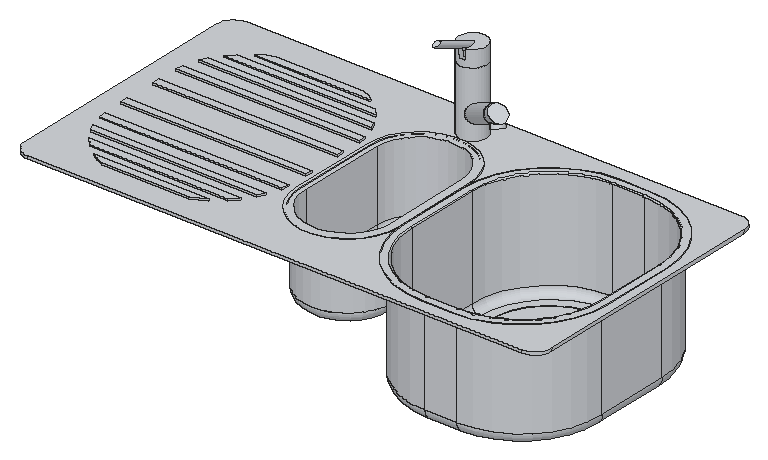
Revit family
Parameters (values of type "965 x 500mm")
  Tap Material = none
  Material = none
  Manufacturer = "Revit"
  Description = "Sink"
  Assembly Code = ""
Reference planes
  plane 1 "Center (Front/Back)": y = 0
  plane 2: z = 0
  plane 3 "Center (Left/Right)": x = 0
  plane 4: z = 850
Forms (mm)
  Extrusion 1, solid
    sketch origin (-77.5, 0, 650) x (1, 0, 0) y (0, 1, 0)
      loop
        arc (326.846, 225.191) -> (215.123, 178.914) -> (168.846, 67.191) r 158
        line (168.846, 67.191) -> (168.846, -69.583)
        arc (168.846, -69.583) -> (215.123, -181.306) -> (326.846, -227.583) r 158
        line (326.846, -227.583) -> (384.647, -227.583)
        arc (384.647, -227.583) -> (496.37, -181.306) -> (542.647, -69.583) r 158
        line (542.647, -69.583) -> (542.647, 67.191)
        arc (542.647, 67.191) -> (496.37, 178.914) -> (384.647, 225.191) r 158
        line (384.647, 225.191) -> (326.846, 225.191)
      loop
        line (-405, 220.228) -> (-405, -219.772)
        arc (-405, -219.772) -> (-396.213, -240.985) -> (-375, -249.772) r 30
        line (-375, -249.772) -> (530, -249.772)
        arc (530, -249.772) -> (551.213, -240.985) -> (560, -219.772) r 30
        line (560, -219.772) -> (560, 220.228)
        arc (560, 220.228) -> (551.213, 241.441) -> (530, 250.228) r 30
        line (530, 250.228) -> (-375, 250.228)
        arc (-375, 250.228) -> (-396.213, 241.441) -> (-405, 220.228) r 30
      loop
        arc (162.88, 82.576) -> (75.016, 170.44) -> (-12.848, 82.576) r 87.864
        line (-12.848, 82.576) -> (-12.848, -80.081)
        arc (-12.848, -80.081) -> (75.016, -167.945) -> (162.88, -80.081) r 87.864
        line (162.88, -80.081) -> (162.88, 82.576)
    from 195 to 200
  Extrusion 2, solid
    sketch origin (464.231, 0, 650) x (1, 0, 0) y (0, 1, 0)
      loop
        arc (-325.184, -69.583) -> (-292.878, -147.577) -> (-214.885, -179.883) r 110.3
        line (-214.885, -179.883) -> (-157.084, -179.883)
        arc (-157.084, -179.883) -> (-79.09, -147.577) -> (-46.784, -69.583) r 110.3
        line (-46.784, -69.583) -> (-46.784, 67.191)
        arc (-46.784, 67.191) -> (-79.09, 145.185) -> (-157.084, 177.491) r 110.3
        line (-157.084, 177.491) -> (-214.885, 177.491)
        arc (-214.885, 177.491) -> (-292.878, 145.185) -> (-325.184, 67.191) r 110.3
        line (-325.184, 67.191) -> (-325.184, -69.583)
      loop
        circle (-201.974, 116.131) r 47.433
    from -5 to 0
  Sweep 3, solid
    path origin (464.231, 0, 650) x (1, 0, 0) y (0, 1, 0)
      loop
        arc (-354.885, -69.583) -> (-313.88, -168.578) -> (-214.885, -209.583) r 140
        line (-214.885, -209.583) -> (-157.084, -209.583)
        arc (-157.084, -209.583) -> (-58.089, -168.578) -> (-17.084, -69.583) r 140
        line (-17.084, -69.583) -> (-17.084, 67.191)
        arc (-17.084, 67.191) -> (-58.089, 166.186) -> (-157.084, 207.191) r 140
        line (-157.084, 207.191) -> (-214.885, 207.191)
        arc (-214.885, 207.191) -> (-313.88, 166.186) -> (-354.885, 67.191) r 140
        line (-354.885, 67.191) -> (-354.885, -69.583)
    profile origin (0, -1.196, 0) x (-1, 0, 0) y (0, 0, 1)
      loop
        line (-91.346, 850) -> (-104.357, 850)
        arc (-104.357, 850) -> (-105.764, 849.417) -> (-106.346, 848.011) r 1.989
        line (-106.346, 848.011) -> (-106.346, 665)
        arc (-106.346, 665) -> (-110.74, 654.393) -> (-121.346, 650) r 15
        line (-121.346, 650) -> (-139.046, 650) -> (-139.046, 645) -> (-121.346, 645)
        arc (-121.346, 645) -> (-107.204, 650.858) -> (-101.346, 665) r 20
        line (-101.346, 665) -> (-101.346, 845) -> (-91.346, 845) -> (-91.346, 850)
  Extrusion 4, solid
    sketch origin (115.25, -74.178, 650) x (1, 0, 0) y (0, 1, 0)
      loop
        circle (-115.954, 77.538) r 47.433
      loop
        line (-170.915, 156.754) -> (-170.915, -5.903)
        arc (-170.915, -5.903) -> (-117.734, -59.085) -> (-64.552, -5.903) r 53.181
        line (-64.552, -5.903) -> (-64.552, 156.754)
        arc (-64.552, 156.754) -> (-117.734, 209.935) -> (-170.915, 156.754) r 53.181
    from 51.944 to 56.944
  Extrusion 5, solid, detail levels medium+fine
    sketch origin (74.156, 0, 850) x (1, 0, 0) y (0, 1, 0)
      loop
        arc (-428.457, 194.228) -> (-441.991, 188.115) -> (-454.801, 180.602) r 140
        line (-454.801, 180.602) -> (-242.745, 180.602)
        arc (-242.745, 180.602) -> (-255.555, 188.115) -> (-269.089, 194.228) r 140
        line (-269.089, 194.228) -> (-428.457, 194.228)
      loop
        arc (-475.85, 163.57) -> (-482.149, 156.955) -> (-488.004, 149.944) r 140
        line (-488.004, 149.944) -> (-209.542, 149.944)
        arc (-209.542, 149.944) -> (-215.396, 156.955) -> (-221.696, 163.57) r 140
        line (-221.696, 163.57) -> (-475.85, 163.57)
      loop
        arc (-500.821, 130.357) -> (-504.227, 123.63) -> (-507.267, 116.731) r 140
        line (-507.267, 116.731) -> (-190.279, 116.731)
        arc (-190.279, 116.731) -> (-193.319, 123.63) -> (-196.725, 130.357) r 140
        line (-196.725, 130.357) -> (-500.821, 130.357)
      loop
        arc (-515.129, 90.331) -> (-516.269, 83.542) -> (-517.074, 76.705) r 140
        line (-517.074, 76.705) -> (-180.472, 76.705)
        arc (-180.472, 76.705) -> (-181.277, 83.542) -> (-182.417, 90.331) r 140
        line (-182.417, 90.331) -> (-515.129, 90.331)
      loop
        line (-517.673, 38.382) -> (-517.673, 24.756) -> (-179.873, 24.756) -> (-179.873, 38.382) -> (-517.673, 38.382)
      loop
        line (-517.673, -34.004) -> (-517.673, -47.63) -> (-179.873, -47.63) -> (-179.873, -34.004) -> (-517.673, -34.004)
      loop
        arc (-517.074, -85.952) -> (-516.269, -92.789) -> (-515.129, -99.578) r 140
        line (-515.129, -99.578) -> (-182.417, -99.578)
        arc (-182.417, -99.578) -> (-181.277, -92.789) -> (-180.472, -85.952) r 140
        line (-180.472, -85.952) -> (-517.074, -85.952)
      loop
        arc (-507.267, -125.978) -> (-504.227, -132.878) -> (-500.821, -139.604) r 140
        line (-500.821, -139.604) -> (-196.725, -139.604)
        arc (-196.725, -139.604) -> (-193.319, -132.878) -> (-190.279, -125.978) r 140
        line (-190.279, -125.978) -> (-507.267, -125.978)
      loop
        arc (-488.004, -159.192) -> (-482.149, -166.203) -> (-475.85, -172.817) r 140
        line (-475.85, -172.817) -> (-221.696, -172.817)
        arc (-221.696, -172.817) -> (-215.396, -166.203) -> (-209.542, -159.192) r 140
        line (-209.542, -159.192) -> (-488.004, -159.192)
      loop
        arc (-454.801, -189.85) -> (-441.991, -197.362) -> (-428.457, -203.476) r 140
        line (-428.457, -203.476) -> (-269.089, -203.476)
        arc (-269.089, -203.476) -> (-255.555, -197.362) -> (-242.745, -189.85) r 140
        line (-242.745, -189.85) -> (-454.801, -189.85)
    from 0 to 3
  Sweep 6, solid
    path origin (-86.63, -15, 1300) x (1, 0, 0) y (0, 1, 0)
      loop
        line (6.282, 97.576) -> (6.282, -65.081)
        arc (6.282, -65.081) -> (84.146, -142.945) -> (162.01, -65.081) r 77.864
        line (162.01, -65.081) -> (162.01, 97.576)
        arc (162.01, 97.576) -> (84.146, 175.44) -> (6.282, 97.576) r 77.864
    profile origin (0, 1.247, 0) x (1, 0, 0) y (0, 0, 1)
      loop
        line (-95.348, 850) -> (-95.348, 845) -> (-85.348, 845) -> (-85.348, 721.944)
        arc (-85.348, 721.944) -> (-79.49, 707.802) -> (-65.348, 701.944) r 20
        line (-65.348, 701.944) -> (-55.665, 701.944) -> (-55.665, 706.944) -> (-65.348, 706.944)
        arc (-65.348, 706.944) -> (-75.954, 711.338) -> (-80.348, 721.944) r 15
        line (-80.348, 721.944) -> (-80.348, 850) -> (-95.348, 850)
Lines and regions (mm)
  symbolic lines
    curve 1: line (-452.5, 250.228, 0) -> (452.5, 250.228, 0)
    curve 2: arc (452.5, 250.228, 0) -> (473.713, 241.441, 0) -> (482.5, 220.228, 0) r 30
    curve 3: line (482.5, 220.228, 0) -> (482.5, -219.772, 0)
    curve 4: arc (482.5, -219.772, 0) -> (473.713, -240.985, 0) -> (452.5, -249.772, 0) r 30
    curve 5: line (452.5, -249.772, 0) -> (-452.5, -249.772, 0)
    curve 6: arc (-452.5, -249.772, 0) -> (-473.713, -240.985, 0) -> (-482.5, -219.772, 0) r 30
    curve 7: line (-482.5, -219.772, 0) -> (-482.5, 220.228, 0)
    curve 8: arc (-482.5, 220.228, 0) -> (-473.713, 241.441, 0) -> (-452.5, 250.228, 0) r 30
    curve 9: line (-452.5, 232.228, 0) -> (452.5, 232.228, 0)
    curve 10: arc (452.5, 232.228, 0) -> (460.985, 228.713, 0) -> (464.5, 220.228, 0) r 12
    curve 11: line (464.5, 220.228, 0) -> (464.5, -219.772, 0)
    curve 12: arc (464.5, -219.772, 0) -> (460.985, -228.257, 0) -> (452.5, -231.772, 0) r 12
    curve 13: line (452.5, -231.772, 0) -> (-452.5, -231.772, 0)
    curve 14: arc (-452.5, -231.772, 0) -> (-460.985, -228.257, 0) -> (-464.5, -219.772, 0) r 12
    curve 15: line (-464.5, -219.772, 0) -> (-464.5, 220.228, 0)
    curve 16: arc (-464.5, 220.228, 0) -> (-460.985, 228.713, 0) -> (-452.5, 232.228, 0) r 12
    curve 17: line (-308.013, 227.634, 0) -> (-221.298, 227.634, 0)
    curve 18: arc (-221.298, 227.634, 0) -> (-168.374, 216.899, 0) -> (-121.701, 189.735, 0) r 165.91
    curve 19: arc (-121.701, 189.735, 0) -> (-100.773, 172.918, 0) -> (-74.606, 166.911, 0) r 60
    curve 20: line (-74.606, 166.911, 0) -> (73.74, 166.911, 0)
    curve 21: arc (73.74, 166.911, 0) -> (99.906, 172.918, 0) -> (120.834, 189.735, 0) r 60
    curve 22: arc (120.834, 189.735, 0) -> (167.507, 216.899, 0) -> (220.432, 227.634, 0) r 165.91
    curve 23: line (220.432, 227.634, 0) -> (307.147, 227.634, 0)
    curve 24: arc (460.651, 69.634, 0) -> (414.374, 181.357, 0) -> (302.651, 227.634, 0) r 158
    curve 25: line (287.724, -225.14, 0) -> (183.88, -225.14, 0)
    curve 26: arc (183.88, -225.14, 0) -> (129.056, -208.552, 0) -> (92.624, -164.354, 0) r 98.894
    curve 27: line (92.624, -164.354, 0) -> (-7.897, -164.354, 0)
    curve 28: line (-7.897, -164.354, 0) -> (-108.417, -164.354, 0)
    curve 29: arc (-108.417, -164.354, 0) -> (-144.85, -208.552, 0) -> (-199.674, -225.14, 0) r 98.894
    curve 30: line (-199.674, -225.14, 0) -> (-303.517, -225.14, 0)
    curve 31: arc (-303.517, -225.14, 0) -> (-415.24, -178.863, 0) -> (-461.517, -67.14, 0) r 158
    curve 32: line (-461.517, -67.14, 0) -> (-461.517, 69.634, 0)
    curve 33: arc (-461.517, 69.634, 0) -> (-415.24, 181.357, 0) -> (-303.517, 227.634, 0) r 158
    curve 34: arc (75.38, 82.576, 0) -> (-2.484, 160.44, 0) -> (-80.348, 82.576, 0) r 77.864
    curve 35: line (-80.348, 82.576, 0) -> (-80.348, -80.081, 0)
    curve 36: arc (-80.348, -80.081, 0) -> (-2.484, -157.945, 0) -> (75.38, -80.081, 0) r 77.864
    curve 37: line (75.38, -80.081, 0) -> (75.38, 82.576, 0)
    curve 38: arc (46.729, 3.36, 0) -> (-0.704, 50.793, 0) -> (-48.137, 3.36, 0) r 47.433
    curve 39: arc (-48.137, 3.36, 0) -> (-0.704, -44.073, 0) -> (46.729, 3.36, 0) r 47.433
    curve 40: arc (59.152, 3.36, 0) -> (-0.704, 63.216, 0) -> (-60.56, 3.36, 0) r 59.856
    curve 41: arc (-60.56, 3.36, 0) -> (-0.704, -56.496, 0) -> (59.152, 3.36, 0) r 59.856
    curve 42: line (-0.704, 21.419, 0) -> (-0.704, 77.853, 0)
    curve 43: line (-18.763, 3.36, 0) -> (-75.197, 3.36, 0)
    curve 44: line (-0.704, -14.699, 0) -> (-0.704, -71.133, 0)
    curve 45: line (17.355, 3.36, 0) -> (73.789, 3.36, 0)
    curve 46: line (262.257, 134.19, 0) -> (262.257, 190.624, 0)
    curve 47: line (244.198, 116.131, 0) -> (187.764, 116.131, 0)
    curve 48: line (262.257, 98.072, 0) -> (262.257, 41.638, 0)
    curve 49: line (280.316, 116.131, 0) -> (336.75, 116.131, 0)
    curve 50: arc (322.113, 116.131, 0) -> (262.257, 175.987, 0) -> (202.401, 116.131, 0) r 59.856
    curve 51: arc (202.401, 116.131, 0) -> (262.257, 56.275, 0) -> (322.113, 116.131, 0) r 59.856
    curve 52: arc (309.69, 116.131, 0) -> (262.257, 163.564, 0) -> (214.824, 116.131, 0) r 47.433
    curve 53: arc (214.824, 116.131, 0) -> (262.257, 68.698, 0) -> (309.69, 116.131, 0) r 47.433
    curve 54: arc (244.85, 209.634, 0) -> (145.855, 168.629, 0) -> (104.85, 69.634, 0) r 140
    curve 55: line (104.85, 69.634, 0) -> (104.85, -67.14, 0)
    curve 56: arc (104.85, -67.14, 0) -> (145.855, -166.135, 0) -> (244.85, -207.14, 0) r 140
    curve 57: line (244.85, -207.14, 0) -> (302.651, -207.14, 0)
    curve 58: arc (302.651, -207.14, 0) -> (401.646, -166.135, 0) -> (442.651, -67.14, 0) r 140
    curve 59: line (442.651, -67.14, 0) -> (442.651, 69.634, 0)
    curve 60: arc (442.651, 69.634, 0) -> (401.646, 168.629, 0) -> (302.651, 209.634, 0) r 140
    curve 61: line (302.651, 209.634, 0) -> (244.85, 209.634, 0)
    curve 62: arc (17.643, 194.466, 0) -> (-0.704, 212.812, 0) -> (-19.05, 194.466, 0) r 18.346
    curve 63: arc (-19.05, 194.466, 0) -> (-0.704, 176.119, 0) -> (17.643, 194.466, 0) r 18.346
    curve 64: arc (-105.717, 69.634, 0) -> (-146.722, 168.629, 0) -> (-245.717, 209.634, 0) r 140
    curve 65: line (-245.717, 209.634, 0) -> (-303.517, 209.634, 0)
    curve 66: arc (-303.517, 209.634, 0) -> (-402.512, 168.629, 0) -> (-443.517, 69.634, 0) r 140
    curve 67: line (-443.517, 69.634, 0) -> (-443.517, -67.14, 0)
    curve 68: arc (-443.517, -67.14, 0) -> (-402.512, -166.135, 0) -> (-303.517, -207.14, 0) r 140
    curve 69: line (-303.517, -207.14, 0) -> (-245.717, -207.14, 0)
    curve 70: arc (-245.717, -207.14, 0) -> (-146.722, -166.135, 0) -> (-105.717, -67.14, 0) r 140
    curve 71: line (-105.717, -67.14, 0) -> (-105.717, 69.634, 0)
    curve 72: line (-354.301, 200.099, 0) -> (-194.933, 200.099, 0)
    curve 73: line (-380.645, 186.473, 0) -> (-168.589, 186.473, 0)
    curve 74: line (-401.694, 169.441, 0) -> (-147.54, 169.441, 0)
    curve 75: line (-413.848, 155.815, 0) -> (-135.386, 155.815, 0)
    curve 76: line (-426.665, 136.228, 0) -> (-122.569, 136.228, 0)
    curve 77: line (-433.111, 122.602, 0) -> (-116.123, 122.602, 0)
    curve 78: line (-440.973, 96.202, 0) -> (-108.261, 96.202, 0)
    curve 79: line (-442.918, 82.576, 0) -> (-106.316, 82.576, 0)
    curve 80: line (-443.517, 44.253, 0) -> (-105.717, 44.253, 0)
    curve 81: line (-443.517, 30.627, 0) -> (-105.717, 30.627, 0)
    curve 82: line (-443.517, -28.133, 0) -> (-105.717, -28.133, 0)
    curve 83: line (-443.517, -41.758, 0) -> (-105.717, -41.758, 0)
    curve 84: line (-442.918, -80.081, 0) -> (-106.316, -80.081, 0)
    curve 85: line (-440.973, -93.707, 0) -> (-108.261, -93.707, 0)
    curve 86: line (-433.111, -120.107, 0) -> (-116.123, -120.107, 0)
    curve 87: line (-426.665, -133.733, 0) -> (-122.569, -133.733, 0)
    curve 88: line (-413.848, -153.32, 0) -> (-135.386, -153.32, 0)
    curve 89: line (-401.694, -166.946, 0) -> (-147.54, -166.946, 0)
    curve 90: line (-380.645, -183.979, 0) -> (-168.589, -183.979, 0)
    curve 91: line (-354.301, -197.605, 0) -> (-194.933, -197.605, 0)
    curve 92: arc (302.651, -225.14, 0) -> (414.374, -178.863, 0) -> (460.651, -67.14, 0) r 158
Dimensions and locks
  aligned and locked: plane 4 to nested 1
Nested families
  nested 1: "Tap" at (1.782, 200.495, 850) x (0.6691, 0.7431, 0) z (0, 0, 1), type "Tap"
Definition of nested family "Tap"
  Parameters
    Tap Material = none
  Reference planes
    plane 1 "Center (Front/Back)": y = 0
    plane 2: z = 0
    plane 3 "Center (Left/Right)": x = 0
    plane 4: z = 50
    plane 5: z = 150
    plane 6: through (0, 6.419, 11.669) normal (0, -0.482, -0.8762)
    plane 7 "1": through (0, 0, 0) normal (-0.7071, 0.7071, 0)
  Forms (mm)
    Extrusion 1, solid, material <- "Tap Material"
      sketch origin (0, 0, 0) x (1, 0, 0) y (0, 1, 0)
        loop
          circle (0, 0) r 25
      from 0 to 120
    Extrusion 2, solid, material <- "Tap Material"
      sketch origin (0, 0, 120) x (1, 0, 0) y (0, 1, 0)
        loop
          circle (0, 0) r 25
      from 0 to 30
    Sweep 3, solid, material <- "Tap Material"
      path origin (0, 0, 0) x (0, 1, 0) y (0, 0, 1)
        loop
          line (-7.059, 38.349) -> (-187.156, 137.42)
      profile origin (0, -111.663, 61.425) x (0, -0.481984, -0.87618) y (1, 0, 0)
        loop
          circle (-28.318, 0) r 15
    Sweep 4, solid, material <- "Tap Material"
      path origin (0, 0, 0) x (0, 1, 0) y (0, 0, 1)
        loop
          line (-188.063, 135.772) -> (-236.252, 162.281)
      profile origin (0, -225.806, 124.215) x (0, -0.481984, -0.87618) y (1, 0, 0)
        loop
          circle (-28.318, 0) r 15
    Extrusion 5, void
      sketch origin (0, 0, 0) x (0, -1, 0) y (0, 0, 1)
        loop
          line (202.737, 160.964) -> (243.482, 149.139) -> (229.023, 175.424) -> (202.737, 160.964)
      from -54.803 to 30
    Extrusion 6, solid, material <- "Tap Material"
      sketch origin (0, 6.419, 11.669) x (0, -0.87618, 0.481984) y (-1, 0, 0)
        loop
          circle (255.217, 0) r 11
      from -7.514 to 6.121
    Sweep 7, solid, material <- "Tap Material"
      path origin (0, 0, 0) x (-0.707107, -0.707107, 0) y (0, 0, 1)
        loop
          line (1.612, 146.811) -> (92.243, 189.073)
      profile origin (-72.741, -72.741, 47.97) x (0.298836, 0.298836, 0.906308) y (-0.707107, 0.707107, 0)
        loop
          circle (131.377, 0) r 5
    Extrusion 8, solid, material <- "Tap Material"
      sketch origin (0, 0, 0) x (-0.707107, -0.707107, 0) y (0, 0, 1)
        loop
          line (30.984, 158.177) -> (9.675, 150.421) -> (9.675, 133.671) -> (26.663, 133.671) -> (30.984, 158.177)
      from -4.433 to 4.388
    Extrusion 9, void
      sketch origin (0, 0, 0) x (0.707107, 0.707107, 0) y (0, 0, 1)
        loop
          line (-99.984, 182.242) -> (-73.884, 189.236) -> (-99.984, 198.735) -> (-99.984, 182.242)
      from -20.858 to 30
  Cuts and joins
    Extrusion 5, Extrusion 9 cuts Extrusion 1
    Extrusion 5, Extrusion 9 cuts Sweep 3
    joined: Extrusion 1, Sweep 3
    Extrusion 5, Extrusion 9 cuts Extrusion 2
    Extrusion 9 cuts Sweep 7
    Extrusion 9 cuts Extrusion 8
    joined: Extrusion 2, Sweep 7, Extrusion 8
    Extrusion 5, Extrusion 9 cuts Sweep 4
    Extrusion 9 cuts Extrusion 6
    joined: Sweep 4, Extrusion 6
